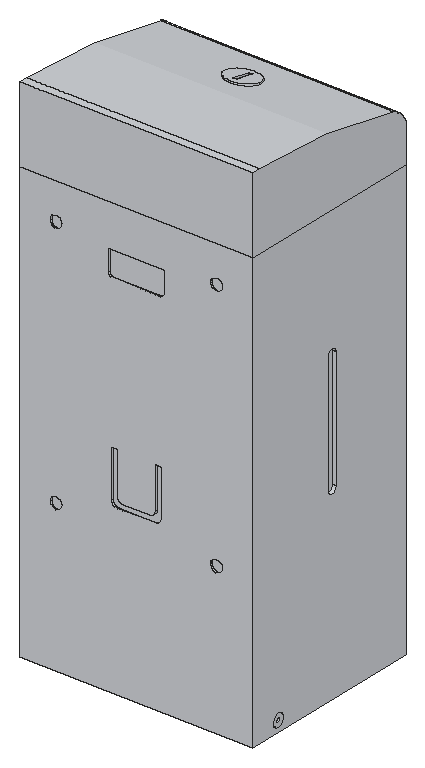
Revit family "AX9412-HA_0001", category Appareils sanitaires, Revit 2016
Family settings
  Hôte = Mur
  Type d'élément = Normal
  Cote de connecteur circulaire = Utiliser le diamètre
  Numéro OmniClass = 23.75.00.00
  Titre OmniClass = Climate Control (HVAC)
  Toujours verticalement = Oui
  Couper avec des vides une fois chargée = Non
  Partagée = Non
  Point de calcul de pièce = Non
Parameters (values of type "Type 1")
  URL = "https://www.axeuro.com/fr/distributeurs-de-savon-en-applique/25098-distributeur-de-savon-automatique-commande-infrarouge-ax9412-ha.html?search_query=ax9412-ha&results=2"
  Modèle = "AX9412-HA"  # constant formula
  Matériaux = "En inox 304 (18/10) Bactériostatique"  # constant formula
  Finition = "Brossé Poli Satiné HyperPolish"  # constant formula
  Fabricant = "Axeuro"  # constant formula
  Description = "Distributeur de gel désinfectant hydro-alcoolique"  # constant formula
Reference planes
  plane 1 "Mur": y = 0
  plane 2 "Centre (gauche/droite)": x = 0
  plane 3 "Arrière": y = 75
Forms (mm)
  Extrusion 1, solid
    sketch origin (708.861, 325, 0) x (1, 0, 0) y (0, 0, 1)
      loop
        line (-650.861, 752.033) -> (-766.861, 752.033) -> (-766.861, 533.033) -> (-650.861, 533.033) -> (-650.861, 752.033)
    from 155 to 250
  Extrusion 2, solid
    sketch origin (708.861, 325, 219) x (1, 0, 0) y (0, 0, 1)
      loop
        line (-650.861, 571.033) -> (-766.861, 571.033) -> (-766.861, 533.033) -> (-650.861, 533.033) -> (-650.861, 571.033)
    from 155 to 250
  Extrusion 3, void
    sketch origin (0, 0, 0) x (0, 1, 0) y (0, 0, 1)
      loop
        arc (75, 790.033) -> (119.145, 787.417) -> (162.571, 779.064) r 338.193
        arc (162.571, 779.064) -> (167.12, 776.184) -> (170, 771.635) r 12.277
        line (170, 771.635) -> (175, 771.635) -> (175, 801.635) -> (75, 801.635) -> (75, 790.033)
    from -58 to 58
  Extrusion 4, void
    sketch origin (0, -18.491, -270.454) x (0, 1, 0) y (0, 0, 1)
      loop
        circle (109.191, 809.187) r 1.25
    from 56.771 to 58
  Extrusion 5, void
    sketch origin (0, -7.515, -15.434) x (0, 1, 0) y (0, 0, 1)
      loop
        circle (98.215, 554.167) r 3.2
      loop
        circle (98.215, 554.167) r 3
    from 56.771 to 58
  Extrusion 6, void
    sketch origin (0, 2, 0) x (0, 1, 0) y (0, 0, 1)
      loop
        line (125.125, 627.496) -> (125.125, 687.366)
        arc (125.125, 687.366) -> (122.36, 690.131) -> (119.595, 687.366) r 2.765
        line (119.595, 687.366) -> (119.595, 627.496)
        arc (119.595, 627.496) -> (122.36, 624.731) -> (125.125, 627.496) r 2.765
    from 55.695 to 58
  Extrusion 7, solid
    sketch origin (-5.5, 75, -28.757) x (1, 0, 0) y (0, 0, 1)
      loop
        circle (26.1, 595.39) r 2.6
    from -95 to -95.989
  Extrusion 8, solid
    sketch origin (-125.604, 1684.4, 468.675) x (1, 0, 0) y (0, -0.981627, 0.190809)
      loop
        circle (125.604, 1575.159) r 8.25
    from -15 to -12.919
  Extrusion 9, void
    sketch origin (-128.522, 1642.22, 476.874) x (1, 0, 0) y (0, -0.981627, 0.190809)
      loop
        line (129.522, 1537.139) -> (127.522, 1537.139) -> (127.522, 1527.239) -> (129.522, 1527.239) -> (129.522, 1537.139)
    from -15 to -12.919
  Extrusion 10, void
    sketch origin (-12.263, 0, -17.762) x (1, 0, 0) y (0, 0, 1)
      loop
        circle (-27.737, 625.895) r 3
    from -75.63 to -75
  Extrusion 11, void
    sketch origin (12.263, 0, -17.762) x (-1, 0, 0) y (0, 0, -1)
      loop
        circle (-27.737, -625.895) r 3
    from -75.63 to -75
  Extrusion 12, void
    sketch origin (-12.263, 0, 107.988) x (1, 0, 0) y (0, 0, 1)
      loop
        circle (-27.737, 625.895) r 3
    from -75.63 to -75
  Extrusion 13, void
    sketch origin (12.263, 0, 107.988) x (-1, 0, 0) y (0, 0, -1)
      loop
        circle (-27.737, -625.895) r 3
    from -75.63 to -75
  Extrusion 14, void
    sketch origin (0, 0, 0) x (1, 0, 0) y (0, 0, 1)
      loop
        line (-12.5, 642.933) -> (-12.5, 619.533)
        arc (-12.5, 619.533) -> (-11.621, 617.412) -> (-9.5, 616.533) r 3
        line (-9.5, 616.533) -> (9.5, 616.533)
        arc (9.5, 616.533) -> (11.621, 617.412) -> (12.5, 619.533) r 3
        line (12.5, 619.533) -> (12.5, 642.933) -> (9.5, 642.933) -> (9.5, 621.878)
        arc (9.5, 621.878) -> (8.813, 620.22) -> (7.155, 619.533) r 2.345
        line (7.155, 619.533) -> (-7.155, 619.533)
        arc (-7.155, 619.533) -> (-8.813, 620.22) -> (-9.5, 621.878) r 2.345
        line (-9.5, 621.878) -> (-9.5, 642.933) -> (-12.5, 642.933)
    from -75.63 to -75
  Extrusion 15, void
    sketch origin (0, 0, 0) x (1, 0, 0) y (0, 0, 1)
      loop
        line (-14, 731.333) -> (-14, 720.693)
        arc (-14, 720.693) -> (-13.455, 719.378) -> (-12.14, 718.833) r 1.86
        line (-12.14, 718.833) -> (12.14, 718.833)
        arc (12.14, 718.833) -> (13.455, 719.378) -> (14, 720.693) r 1.86
        line (14, 720.693) -> (14, 731.333) -> (-14, 731.333)
    from -75.63 to -75
Cuts and joins
  Extrusion 3, Extrusion 4, Extrusion 6, Extrusion 14, Extrusion 15 cuts Extrusion 2
  Extrusion 4, Extrusion 5, Extrusion 6, Extrusion 10, Extrusion 11, Extrusion 12, Extrusion 13, Extrusion 14, Extrusion 15 cuts Extrusion 1
  Extrusion 9 cuts Extrusion 8
Text (mm)
  text "Côté de la mise en place" at (-1820.995, 1116.779, 0), in view "Niveau de réf."
  text "Côté de la mise en place" at (0, 1334.055, 2976.191), in view "Gauche"
  text "Côté de la mise en place" at (0, 439.194, 2944.362), in view "Droite"
Dimensions and locks
  locked: plane 3 "Arrière" to host wall
  aligned and locked: plane 1 "Mur" to host wall
